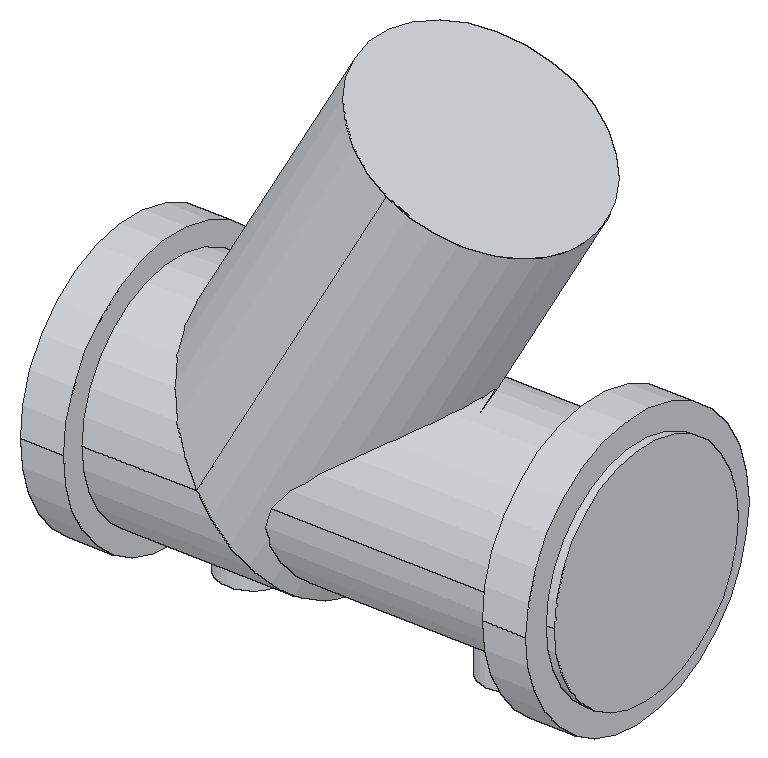
Revit family "HS 821-síto_standard-PN16-DN350-RFA_2019", category Pipe Accessories, Revit 2019
Family settings
  Round Connector Dimension = Use Diameter
  Part Type = Breaks Into
  Work Plane-Based = No
  Always vertical = Yes
  Cut with Voids When Loaded = No
  Shared = No
Parameters (values of type "821A-DN350-PN16-síto_standard")
  magiProductId = "eebc71459bb3451bb4355e7951370a"
  magiProductFamilyId = "79214ac3aaa945e397802f559f5c1e"
  magiPartTypeId = 307
  isMeasuringValve [instance] = no
  ang2D [instance] = 0.00°
  ZB__ve = -ZB  # -80 mm
  ZB1 = 173.745 mm
  ZB = 80 mm
  X2 = 356.875 mm
  X1 = 137.2 mm
  W2D = 15 mm
  VersionID = "2.0/2017.9.26.1/ZETKAMA_821_001"
  Use Minimum Symbol Size [instance] = yes
  URL = "www.hydronix.cz"
  Type Comments = "Filtr přírubový; síto standardní; A-PN16 (-10~300°C); D-PN25 (-10~350°C); F-PN40 (-10~400°C)"
  S = 429 mm
  QmdConnectorList = "301;D;302;D"
  Productdata [instance] = ""
  Manufacturer = "Hydronix"
  MC Product Code = "200 196 (821A; DN350; PN16; kvs2621; oko síta 1,60mm)"
  LM1 = 78.4 mm
  LM = 784 mm
  L4 = 245 mm
  L2D_Min = 3048 mm
  L2D = 130 mm
  L2 = 490 mm
  HH2 = 618.125 mm
  FD = 520 mm
  Description = "Filtr přírubový; síto standardní; 821A-PN16; 821D-PN25; 821F-PN40"
  DM1 = 438 mm
  DM = 386.1 mm
  D = 350 mm
  CC = 16.66 mm
  CAT0 = yes
  C1 = 81.34 mm
  C = 98 mm
  BD = 121.621 mm
Types (40, lengths in mm): name | magiProductId | ZB__ve | ZB1 | ZB | X2 | X1 | S | MC Product Code | LM1 | LM | L4 | L2 | HH2 | FD | DM1 | DM | D | CC | C1 | C | BD
  821A-DN015-PN16-síto_standard | "a71bcfe8b393460598b23e8ddf7dc5" | -16.25 | 18.63 | 16.25 | 46.982 | 18.2 | 46 | "200 115 (821A; DN015; PN16; kvs6,3; oko síta 1,00mm)" | 10.4 | 104 | 32.5 | 65 | 81.375 | 95 | 27.6 | 41.4 | 15 | 2.21 | 10.79 | 13 | 13.041
  821A-DN020-PN16-síto_standard | "41cd6c7a12924f4991217528336076" | -17.75 | 22.68 | 17.75 | 51.673 | 21 | 56 | "200 120 (821A; DN020; PN16; kvs11,2; oko síta 1,00mm)" | 12 | 120 | 37.5 | 75 | 89.5 | 105 | 33.6 | 50.4 | 20 | 2.55 | 12.45 | 15 | 15.876
  821A-DN025-PN16-síto_standard | "be378b463ed14c3abf4c9b3ae8cf3a" | -19.25 | 26.325 | 19.25 | 58.601 | 22.4 | 65 | "200 125 (821A; DN025; PN16; kvs14,7; oko síta 1,00mm)" | 12.8 | 128 | 40 | 80 | 101.5 | 115 | 43.2 | 58.5 | 25 | 2.72 | 13.28 | 16 | 18.427
  821A-DN032-PN16-síto_standard | "227a0d18b21540afabe8b6067d35fa" | -23 | 30.78 | 23 | 68.849 | 25.2 | 76 | "200 132 (821A; DN032; PN16; kvs23,7; oko síta 1,00mm)" | 14.4 | 144 | 45 | 90 | 119.25 | 140 | 50.4 | 68.4 | 32 | 3.06 | 14.94 | 18 | 21.546
  821A-DN040-PN16-síto_standard | "d106917c74724141a10440112d0102" | -24.5 | 34.02 | 24.5 | 75.777 | 28 | 84 | "200 140 (821A; DN040; PN16; kvs37,7; oko síta 1,00mm)" | 16 | 160 | 50 | 100 | 131.25 | 150 | 60 | 75.6 | 40 | 3.4 | 16.6 | 20 | 23.814
  821A-DN050-PN16-síto_standard | "8255d456a09e4f6486734f5dd9171b" | -26.75 | 40.095 | 26.75 | 79.061 | 32.2 | 99 | "200 150 (821A; DN050 PN16; kvs57,9; oko síta 1,00mm)" | 18.4 | 184 | 57.5 | 115 | 136.938 | 165 | 73.8 | 89.1 | 50 | 3.91 | 19.09 | 23 | 28.066
  821A-DN065-PN16-síto_standard | "235b1b3e4c0843779a4d5e3716d40a" | -29.75 | 47.79 | 29.75 | 86.927 | 40.6 | 118 | "200 165 (821A; DN065; PN16; kvs101,5; oko síta 1,25mm)" | 23.2 | 232 | 72.5 | 145 | 150.562 | 185 | 94.2 | 106.2 | 65 | 4.93 | 24.07 | 29 | 33.453
  821A-DN080-PN16-síto_standard | "a067f7c5236348ed8c820d16df7214" | -32 | 53.46 | 32 | 104.753 | 43.4 | 132 | "200 180 (821A; DN080; PN16; kvs147,4; oko síta 1,25mm)" | 24.8 | 248 | 77.5 | 155 | 181.438 | 200 | 107.4 | 118.8 | 80 | 5.27 | 25.73 | 31 | 37.422
  821A-DN100-PN16-síto_standard | "c49a648c2747461285837d643703cd" | -35 | 63.18 | 35 | 114.857 | 49 | 156 | "200 190 (821A; DN100; PN16; kvs209,6; oko síta 1,60mm)" | 28 | 280 | 87.5 | 175 | 198.937 | 220 | 131.4 | 140.4 | 100 | 5.95 | 29.05 | 35 | 44.226
  821A-DN125-PN16-síto_standard | "bf68e728a163493cbd2a663b26ebdc" | -39.5 | 74.52 | 39.5 | 131.888 | 56 | 184 | "200 191 (821A; DN125; PN16; kvs326,2; oko síta 1,60mm)" | 32 | 320 | 100 | 200 | 228.438 | 250 | 165 | 165.6 | 125 | 6.8 | 33.2 | 40 | 52.164
  821A-DN150-PN16-síto_standard | "2de770284b654863ae6bc865769dc5" | -44.75 | 85.455 | 44.75 | 155.885 | 67.2 | 211 | "200 192 (821A; DN150; PN16; kvs403; oko síta 1,60mm)" | 38.4 | 384 | 120 | 240 | 270 | 285 | 192 | 189.9 | 150 | 8.16 | 39.84 | 48 | 59.818
  821A-DN200-PN16-síto_standard | "8e5693371ab64aabb29a7f08c76e15" | -53 | 107.73 | 53 | 188.361 | 84 | 266 | "200 193 (821A; DN200; PN16; kvs707; oko síta 1,60mm)" | 48 | 480 | 150 | 300 | 326.25 | 340 | 252 | 239.4 | 200 | 10.2 | 49.8 | 60 | 75.411
  821A-DN250-PN16-síto_standard | "05e37ed948c34047acdd4c42556504" | -62.75 | 129.195 | 62.75 | 255.911 | 102.2 | 319 | "200 194 (821A; DN250; PN16; kvs1234; oko síta 1,60mm)" | 58.4 | 584 | 182.5 | 365 | 443.25 | 405 | 309.6 | 287.1 | 250 | 12.41 | 60.59 | 73 | 90.436
  821A-DN300-PN16-síto_standard | "9ad0af747269428da925480d83ce80" | -71 | 149.85 | 71 | 325.914 | 119 | 370 | "200 195 (821A; DN300; PN16; kvs1916; oko síta 1,60mm)" | 68 | 680 | 212.5 | 425 | 564.5 | 460 | 369.6 | 333 | 300 | 14.45 | 70.55 | 85 | 104.895
  821A-DN350-PN16-síto_standard | "eebc71459bb3451bb4355e7951370a" | -80 | 173.745 | 80 | 356.875 | 137.2 | 429 | "200 196 (821A; DN350; PN16; kvs2621; oko síta 1,60mm)" | 78.4 | 784 | 245 | 490 | 618.125 | 520 | 438 | 386.1 | 350 | 16.66 | 81.34 | 98 | 121.621
  821A-DN400-PN16-síto_standard | "d2f677cb196647e385b2590e7d8abe" | -89 | 194.4 | 89 | 392.237 | 154 | 480 | "200 197 (821A; DN400; PN16; kvs3460; oko síta 1,60mm)" | 88 | 880 | 275 | 550 | 679.375 | 580 | 498 | 432 | 400 | 18.7 | 91.3 | 110 | 136.08
  821D-DN015-PN25-síto_standard | "27ddcbf555414f8ca1fde329bf9087" | -16.25 | 18.63 | 16.25 | 46.982 | 18.2 | 46 | "200 215 (821D; DN015; PN25; kvs6,3; oko síta 1,00mm)" | 10.4 | 104 | 32.5 | 65 | 81.375 | 95 | 27.6 | 41.4 | 15 | 2.21 | 10.79 | 13 | 13.041
  821D-DN020-PN25-síto_standard | "270e0f14012f47189cd0235c18faee" | -17.75 | 22.68 | 17.75 | 51.673 | 21 | 56 | "200 220 (821D; DN020; PN25; kvs11,2; oko síta 1,00mm)" | 12 | 120 | 37.5 | 75 | 89.5 | 105 | 33.6 | 50.4 | 20 | 2.55 | 12.45 | 15 | 15.876
  821D-DN025-PN25-síto_standard | "b9a7fb4aa36643878c637d8e1ab992" | -19.25 | 26.325 | 19.25 | 58.601 | 22.4 | 65 | "200 225 (821D; DN025; PN25; kvs14,7; oko síta 1,00mm)" | 12.8 | 128 | 40 | 80 | 101.5 | 115 | 43.2 | 58.5 | 25 | 2.72 | 13.28 | 16 | 18.427
  821D-DN032-PN25-síto_standard | "6be9a55c4e68400f94eec7e804204c" | -23 | 30.78 | 23 | 68.849 | 25.2 | 76 | "200 232 (821D; DN032; PN25; kvs23,7; oko síta 1,00mm)" | 14.4 | 144 | 45 | 90 | 119.25 | 140 | 50.4 | 68.4 | 32 | 3.06 | 14.94 | 18 | 21.546
  821D-DN040-PN25-síto_standard | "c54511bd7f584ec2984291479612cb" | -24.5 | 34.02 | 24.5 | 75.777 | 28 | 84 | "200 240 (821D; DN040; PN25; kvs37,7; oko síta 1,00mm)" | 16 | 160 | 50 | 100 | 131.25 | 150 | 60 | 75.6 | 40 | 3.4 | 16.6 | 20 | 23.814
  821D-DN050-PN25-síto_standard | "5483b1f596b04cd39b23a14a22c90e" | -26.75 | 40.095 | 26.75 | 79.061 | 32.2 | 99 | "200 250 (821D; DN050; PN25; kvs57,9; oko síta 1,00mm)" | 18.4 | 184 | 57.5 | 115 | 136.938 | 165 | 73.8 | 89.1 | 50 | 3.91 | 19.09 | 23 | 28.066
  821D-DN065-PN25-síto_standard | "767b0f8318e94750bc7a9930ed5b30" | -29.75 | 47.79 | 29.75 | 86.927 | 40.6 | 118 | "200 265 (821D; DN065; PN25; kvs101,5; oko síta 1,25mm)" | 23.2 | 232 | 72.5 | 145 | 150.562 | 185 | 94.2 | 106.2 | 65 | 4.93 | 24.07 | 29 | 33.453
  821D-DN080-PN25-síto_standard | "e21040fa3cc2404b858198f6b73709" | -32 | 53.46 | 32 | 104.753 | 43.4 | 132 | "200 280 (821D; DN080; PN25; kvs147,4; oko síta 1,25mm)" | 24.8 | 248 | 77.5 | 155 | 181.438 | 200 | 107.4 | 118.8 | 80 | 5.27 | 25.73 | 31 | 37.422
  821D-DN100-PN25-síto_standard | "175ca87a506b40b3bc6b82f12f33cf" | -37.25 | 63.18 | 37.25 | 114.857 | 49 | 156 | "200 290 (821D; DN100; PN25; kvs209,6; oko síta 1,60mm)" | 28 | 280 | 87.5 | 175 | 198.937 | 235 | 131.4 | 140.4 | 100 | 5.95 | 29.05 | 35 | 44.226
  821D-DN125-PN25-síto_standard | "77cc98d60da24855999a22dff726b2" | -42.5 | 74.52 | 42.5 | 131.888 | 56 | 184 | "200 291 (821D; DN125; PN25; kvs326,2; oko síta 1,60mm)" | 32 | 320 | 100 | 200 | 228.438 | 270 | 165 | 165.6 | 125 | 6.8 | 33.2 | 40 | 52.164
  821D-DN150-PN25-síto_standard | "9cf8acfcd15547d68e83172d3abcbe" | -47 | 85.455 | 47 | 155.885 | 67.2 | 211 | "200 292 (821D; DN150; PN25; kvs403; oko síta 1,60mm)" | 38.4 | 384 | 120 | 240 | 270 | 300 | 192 | 189.9 | 150 | 8.16 | 39.84 | 48 | 59.818
  821D-DN200-PN25-síto_standard | "16973f3c9ea14389ba8602495a6b64" | -56 | 110.97 | 56 | 188.361 | 84 | 274 | "200 293 (821D; DN200; PN25; kvs707; oko síta 1,60mm)" | 48 | 480 | 150 | 300 | 326.25 | 360 | 252 | 246.6 | 200 | 10.2 | 49.8 | 60 | 77.679
  821F-DN015-PN40-síto_standard | "4c7eaf3c4c0340888b3e684d8a8616" | -16.25 | 18.225 | 16.25 | 46.982 | 18.2 | 45 | "240 615 (821F; DN015; PN40; kvs6,3; oko síta 1,00mm)" | 10.4 | 104 | 32.5 | 65 | 81.375 | 95 | 27.6 | 40.5 | 15 | 2.21 | 10.79 | 13 | 12.757
  821F-DN020-PN40-síto_standard | "aaac5f1ec96b44d6ba96ac2293d66d" | -17.75 | 23.49 | 17.75 | 51.673 | 21 | 58 | "240 620 (821F; DN020; PN40; kvs11,2; oko síta 1,00mm)" | 12 | 120 | 37.5 | 75 | 89.5 | 105 | 33.6 | 52.2 | 20 | 2.55 | 12.45 | 15 | 16.443
  821F-DN025-PN40-síto_standard | "504768023968471481789485b54c7e" | -19.25 | 27.54 | 19.25 | 58.601 | 22.4 | 68 | "240 625 (821F; DN025; PN40; kvs14,7; oko síta 1,00mm)" | 12.8 | 128 | 40 | 80 | 101.5 | 115 | 43.2 | 61.2 | 25 | 2.72 | 13.28 | 16 | 19.278
  821F-DN032-PN40-síto_standard | "165e7f39cf744f329bdf1c400dad12" | -23 | 31.59 | 23 | 68.849 | 25.2 | 78 | "240 632 (821F; DN032; PN40; kvs23,7; oko síta 1,00mm)" | 14.4 | 144 | 45 | 90 | 119.25 | 140 | 50.4 | 70.2 | 32 | 3.06 | 14.94 | 18 | 22.113
  821F-DN040-PN40-síto_standard | "b8903f952089408fbf3a5a632bab1f" | -24.5 | 35.64 | 24.5 | 75.777 | 28 | 88 | "240 640 (821F; DN040; PN40; kvs37,7; oko síta 1,00mm)" | 16 | 160 | 50 | 100 | 131.25 | 150 | 60 | 79.2 | 40 | 3.4 | 16.6 | 20 | 24.948
  821F-DN050-PN40-síto_standard | "c451f97266fe48da8f879cb6a2bd44" | -26.75 | 41.31 | 26.75 | 79.061 | 32.2 | 102 | "240 650 (821F; DN050; PN40; kvs57,9; oko síta 1,00mm)" | 18.4 | 184 | 57.5 | 115 | 136.938 | 165 | 73.8 | 91.8 | 50 | 3.91 | 19.09 | 23 | 28.917
  821F-DN065-PN40-síto_standard | "dc9821e3f9b34e128f6a8c6b34c198" | -29.75 | 49.41 | 29.75 | 86.927 | 40.6 | 122 | "240 665 (821F; DN065; PN40; kvs101,5; oko síta 1,25mm)" | 23.2 | 232 | 72.5 | 145 | 150.562 | 185 | 94.2 | 109.8 | 65 | 4.93 | 24.07 | 29 | 34.587
  821F-DN080-PN40-síto_standard | "689aa1e260f84cf4994f027a1d86b5" | -32 | 55.89 | 32 | 104.753 | 43.4 | 138 | "240 680 (821F; DN080; PN40; kvs147,4; oko síta 1,25mm)" | 24.8 | 248 | 77.5 | 155 | 181.438 | 200 | 107.4 | 124.2 | 80 | 5.27 | 25.73 | 31 | 39.123
  821F-DN100-PN40-síto_standard | "8a45d4e8e2ab425f8c432f21d684f3" | -37.25 | 65.61 | 37.25 | 114.857 | 49 | 162 | "240 690 (821F; DN100; PN40; kvs209,6; oko síta 1,6mm)" | 28 | 280 | 87.5 | 175 | 198.937 | 235 | 131.4 | 145.8 | 100 | 5.95 | 29.05 | 35 | 45.927
  821F-DN125-PN40-síto_standard | "cf073904c006406b8645afa67ea2fc" | -42.5 | 76.14 | 42.5 | 131.888 | 56 | 188 | "240 691 (821F; DN125; PN40; kvs326,2; oko síta 1,6mm)" | 32 | 320 | 100 | 200 | 228.438 | 270 | 165 | 169.2 | 125 | 6.8 | 33.2 | 40 | 53.298
  821F-DN150-PN40-síto_standard | "0153b9ddabe14992a630484929fdbc" | -47 | 88.29 | 47 | 155.885 | 67.2 | 218 | "240 692 (821F; DN150; PN40; kvs403; oko síta 1,6mm)" | 38.4 | 384 | 120 | 240 | 270 | 300 | 192 | 196.2 | 150 | 8.16 | 39.84 | 48 | 61.803
  821F-DN200-PN40-síto_standard | "7fb3fc01dd8d42428c203e3f8dd4d5" | -56 | 115.425 | 56 | 188.361 | 84 | 285 | "240 693 (821F; DN200; PN40; kvs707; oko síta 1,6mm)" | 48 | 480 | 150 | 300 | 326.25 | 360 | 252 | 256.5 | 200 | 10.2 | 49.8 | 60 | 80.797
Reference planes
  plane 1 "Center (Front/Back)": y = 0
  plane 2 "XYPLANE": z = 0
  plane 3 "Center (Left/Right)": x = 0
  plane 4 "109": x = -313.6
  plane 5 "108": x = 392
  plane 6 "107": x = -392
  plane 7 "105": x = 490
  plane 8 "104": x = -490
  plane 9 "103": y = 0
  plane 10 "102": z = 0
  plane 11 "101": x = -473.34
  plane 12 "100": x = 473.34
  plane 13 "11": x = -176.4
  plane 14 "10": z = 618.125
  plane 15 "9": x = 180.475
  plane 16 "5": z = -173.745
  plane 17 "4": x = -245
  plane 18 "1": x = 245
Forms (mm)
  Extrusion 1, solid, visible <- "CAT0"
    sketch origin (-392, -750, 0) x (0, 1, 0) y (0, 0, 1)
      loop
        circle (750, 0) r 193.05
    from 0 to 784 <- "LM"
  Extrusion 2, solid
    sketch origin (-490, -750, 0) x (0, 1, 0) y (0, 0, 1)
      loop
        circle (750, 0) r 214.5
    from 0 to 16.66 <- "CC"
  Extrusion 3, solid
    sketch origin (-473.34, -750, 0) x (0, 1, 0) y (0, 0, 1)
      loop
        circle (750, 0) r 260
    from 0 to 81.34 <- "C1"
  Extrusion 4, solid
    sketch origin (392, -750, 0) x (0, 1, 0) y (0, 0, 1)
      loop
        circle (750, 0) r 260
    from 0 to 81.34 <- "C1"
  Extrusion 5, solid
    sketch origin (473.34, -750, 0) x (0, 1, 0) y (0, 0, 1)
      loop
        circle (750, 0) r 214.5
    from 0 to 16.66 <- "CC"
  Sweep 6, solid, visible <- "CAT0"
    path origin (750, 0, 0) x (-1, 0, 0) y (0, 0, 1)
      loop
        line (1142, 0) -> (926.4, 0) -> (569.525, 618.125)
    profile origin (-392, 0, 0) x (0, 0, -1) y (0, 1, 0)
      loop
        circle (0, 0) r 219
  Extrusion 7, solid, visible <- "CAT0"
    sketch origin (-750, 0, -173.745) x (1, 0, 0) y (0, 1, 0)
      loop
        circle (505, 0) r 60.811
    from 0 to -80 <- "ZB__ve"
  Extrusion 8, solid, visible <- "CAT0"
    sketch origin (-750, 0, -173.745) x (1, 0, 0) y (0, 1, 0)
      loop
        circle (995, 0) r 60.811
    from 0 to -80 <- "ZB__ve"
  Extrusion 9, solid, not visible
    sketch origin (490, -750, 0) x (0, 1, 0) y (0, 0, 1)
      loop
        circle (750, 0) r 10
    from 0 to -10
  Extrusion 10, solid, not visible
    sketch origin (-490, -750, 0) x (0, 1, 0) y (0, 0, 1)
      loop
        circle (750, 0) r 10
    from 0 to 10
Lines and regions (mm)
  reference lines, not visible
    curve 1: circle (2, 2, 0) r 1 normal (0, 0, 1)
Dimensions and locks
  plane 1 "Center (Front/Back)" to curve 1 = 2 mm
  "LM1": plane 6 "107" to plane 4 "109"
  "LM": plane 6 "107" to plane 5 "108"
  "C": plane 8 "104" to plane 6 "107"
  "L2": plane 3 "Center (Left/Right)" to plane 7 "105"
  "L2": plane 3 "Center (Left/Right)" to plane 8 "104"
  locked: plane 1 "Center (Front/Back)" to plane 9 "103"
  locked: plane 2 "XYPLANE" to plane 10 "102"
  "CC": plane 8 "104" to plane 11 "101"
  "C1": plane 5 "108" to plane 12 "100"
  "X1": plane 4 "109" to plane 13 "11"
  "HH2": plane 2 "XYPLANE" to plane 14 "10"
  "X2": plane 13 "11" to plane 15 "9"
  "ZB1": plane 2 "XYPLANE" to plane 16 "5"
  "L4": plane 8 "104" to plane 17 "4"
  "L2": plane 17 "4" to plane 18 "1"
  Sweep 6 sketch curve to Sweep 6 sketch curve = 0 mm  (x2)
  "DM": diameter of Extrusion 1 sketch curve
  "S": diameter of Extrusion 2 sketch curve
  "FD": diameter of Extrusion 3 sketch curve
  "FD": diameter of Extrusion 4 sketch curve
  "S": diameter of Extrusion 5 sketch curve
  "DM1": diameter of Sweep 6 sketch curve
  "BD": diameter of Extrusion 7 sketch curve
  "BD": diameter of Extrusion 8 sketch curve
  aligned and locked: level to plane 2 "XYPLANE"
  aligned and locked: Extrusion 1 sketch curve to plane 9 "103"
  aligned and locked: plane 10 "102" to Extrusion 1 sketch curve
  aligned and locked: Extrusion 2 sketch curve to plane 9 "103"
  aligned and locked: plane 10 "102" to Extrusion 2 sketch curve
  aligned and locked: Extrusion 3 sketch curve to plane 9 "103"
  aligned and locked: plane 10 "102" to Extrusion 3 sketch curve
  aligned and locked: Extrusion 4 sketch curve to plane 9 "103"
  aligned and locked: plane 10 "102" to Extrusion 4 sketch curve
  aligned and locked: Extrusion 5 sketch curve to plane 9 "103"
  aligned and locked: plane 10 "102" to Extrusion 5 sketch curve
  aligned and locked: Sweep 6 sketch curve to plane 9 "103"
  aligned and locked: plane 10 "102" to Sweep 6 sketch curve  (x3)
  aligned and locked: plane 6 "107" to Sweep 6 sketch curve
  aligned and locked: plane 13 "11" to Sweep 6 sketch curve
  aligned and locked: plane 14 "10" to Sweep 6 sketch curve
  aligned and locked: plane 15 "9" to Sweep 6 sketch curve
  aligned and locked: plane 9 "103" to Extrusion 7 sketch curve
  aligned and locked: plane 17 "4" to Extrusion 7 sketch curve
  aligned and locked: plane 9 "103" to Extrusion 8 sketch curve
  aligned and locked: plane 18 "1" to Extrusion 8 sketch curve
  aligned and locked: Extrusion 9 sketch curve to plane 9 "103"
  aligned and locked: plane 10 "102" to Extrusion 9 sketch curve
  aligned and locked: Extrusion 10 sketch curve to plane 9 "103"
  aligned and locked: plane 10 "102" to Extrusion 10 sketch curve
Automatic sketch dimensions
  plane 1 "Center (Front/Back)" to Extrusion 9 sketch curve = 10 mm
  plane 1 "Center (Front/Back)" to Extrusion 10 sketch curve = 10 mm
  plane 3 "Center (Left/Right)" to curve 1 = 2 mm
  radius of curve 1 = 1 mm
Connectors
  piping at (-490, 0, 0), diameter 350, driven by "D"
    settings: on Extrusion 10, index 1, connector inside diameter 609.6 mm, connector length 0 mm, flow factor 0, pipe flow 0.0 L/s, pressure drop 0.0 Pa, fitting loss kfactor 0, connector angle 0.00°, fixture units 0, engagement length 0 mm, angle of deflection 0.00°, flow configuration 0, flow direction 0, fitting loss method 0, system type 29, joint type 0, gender type 0, connector reference index 2, connector utility 0, adjustable connector no, is connector primary yes, connector description ""
  piping at (490, 0, 0), diameter 350, driven by "D"
    settings: on Extrusion 9, index 2, connector inside diameter 609.6 mm, connector length 0 mm, flow factor 0, pipe flow 0.0 L/s, pressure drop 0.0 Pa, fitting loss kfactor 0, connector angle 0.00°, fixture units 0, engagement length 0 mm, angle of deflection 0.00°, flow configuration 0, flow direction 0, fitting loss method 0, system type 29, joint type 0, gender type 0, connector reference index 1, connector utility 0, adjustable connector no, is connector primary no, connector description ""
